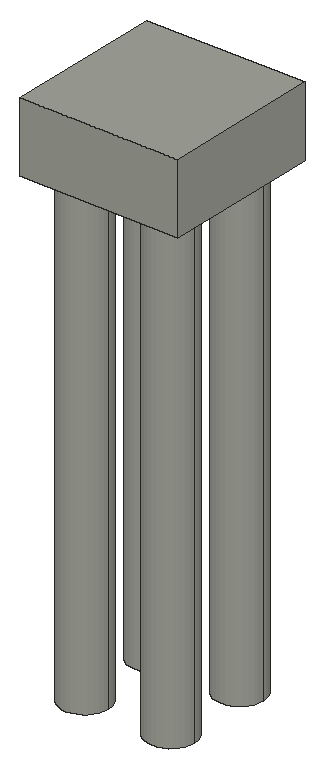
Revit family "Estaca_Bloco_4", category Structural Foundations, Revit 2025
Family settings
  Material for Model Behavior = Concrete
  Cap = No
  OmniClass Number = 23.25.05.11
  OmniClass Title = Foundation Piles
  Work Plane-Based = No
  Always vertical = Yes
  Cut with Voids When Loaded = No
  Shared = No
  Show family pre-cut in plan views = Yes
Parameters (values of type "79"x79"x35"")
  Width = 2.0066 m
  Structural Material [instance] = CT_Concreto
  Pile Type = Estaca : Estaca_60
  Length = 2.0066 m
  Foundation Thickness = 0.889 m
  Cut-off = 0.1524 m
  Clearance = 0.4572 m
  Assembly Code = "A1010130"
Reference planes (m)
  plane 1 "Center (Front/Back)": y = 0
  plane 2: z = 0
  plane 3 "Center (Left/Right)": x = 0
  plane 4: z = -0.889
  plane 5: y = 1.0033
  plane 6: x = -1.0033
  plane 7: x = 1.0033
  plane 8: y = -0.5461
  plane 9: z = -0.7366
  plane 10: x = -0.5461
  plane 11: x = 0.5461
  plane 12: y = 0.5461
  plane 13: y = -1.0033
Forms (m)
  Extrusion 1, solid, material "CT_Concreto" <- "Structural Material"
    sketch origin (0, 0, 0) x (1, 0, 0) y (0, 1, 0)
      loop
        line (-1.0033, 1.0033) -> (-1.0033, -1.0033) -> (1.0033, -1.0033) -> (1.0033, 1.0033) -> (-1.0033, 1.0033)
    from -0.889 to 0
Dimensions and locks (m)
  "Foundation Thickness": plane 2 to plane 4
  equal spacing: plane 6, plane 3 "Center (Left/Right)", plane 7  (x2)
  "Width": plane 6 to plane 7
  "Cut-off": plane 4 to plane 9
  "Clearance": plane 6 to plane 10
  "Clearance": plane 11 to plane 7
  "Clearance": plane 12 to plane 5
  "Clearance": plane 13 to plane 8
  "Length": plane 5 to plane 13
  equal spacing: plane 5, plane 1 "Center (Front/Back)", plane 13
  aligned and locked: plane 4 to Extrusion 1
  aligned and locked: level to Extrusion 1
  aligned and locked: plane 12 to nested 1
  aligned and locked: plane 10 to nested 2
  aligned and locked: plane 8 to nested 2
  aligned and locked: plane 11 to nested 3
  aligned and locked: plane 6 to Extrusion 1 sketch curve
  aligned and locked: plane 5 to Extrusion 1 sketch curve
  aligned and locked: plane 13 to Extrusion 1 sketch curve
  aligned and locked: plane 7 to Extrusion 1 sketch curve
  aligned and locked: plane 12 to nested 4
  aligned and locked: plane 10 to nested 1
  aligned and locked: plane 8 to nested 3
  aligned and locked: plane 11 to nested 4
  aligned and locked: plane 9 to nested 1
  aligned and locked: plane 9 to nested 4
Nested families (m)
  nested 1: "Estaca" at (-0.5461, 0.5461, -0.8886), type <- "Pile Type", type "Estaca_60"
    with Structural Material CT_Concreto
  nested 2: "Estaca" at (-0.5461, -0.5461, -0.889), type <- "Pile Type", type "Estaca_60"
    with Structural Material CT_Concreto
  nested 3: "Estaca" at (0.5461, -0.5461, -0.889), type <- "Pile Type", type "Estaca_60"
    with Structural Material CT_Concreto
  nested 4: "Estaca" at (0.5461, 0.5461, -0.8886), type <- "Pile Type", type "Estaca_60"
    with Structural Material CT_Concreto
Definition of nested family "Estaca"
  Parameters (values of type "Estaca_60")
    Structural Material [instance] = none
    Estaca_Raio = Estaca_Diâmetro / 2  # 0.300 m
    Estaca_Embutimento_Mínimo = 0.152 m
    Estaca_Profundidade = 6.000 m
    Estaca_Diâmetro = 0.600 m
    Assembly Code = "A1020130"
  Reference planes (m)
    plane 1 "Center (Front/Back)": y = 0
    plane 2: z = 0
    plane 3 "Center (Left/Right)": x = 0
    plane 4: z = -6
    plane 5: z = 0.152
  Forms (m)
    Extrusion 1, solid, material <- "Structural Material"
      sketch origin (0, 0, 0) x (1, 0, 0) y (0, 1, 0)
        loop
          circle (0, 0) r 0.3
      from -6 to 0.152
  Dimensions and locks (m)
    "Estaca_Profundidade": plane 2 to plane 4
    "Estaca_Embutimento_Mínimo": plane 5 to plane 2
    "Estaca_Raio": radius of Extrusion 1 sketch curve
    aligned and locked: Extrusion 1 to plane 4
    aligned and locked: Extrusion 1 to plane 5
  Automatic sketch dimensions
    plane 1 "Center (Front/Back)" to Extrusion 1 sketch curve = 0.000 m
    Extrusion 1 sketch curve to plane 3 "Center (Left/Right)" = 0.000 m
